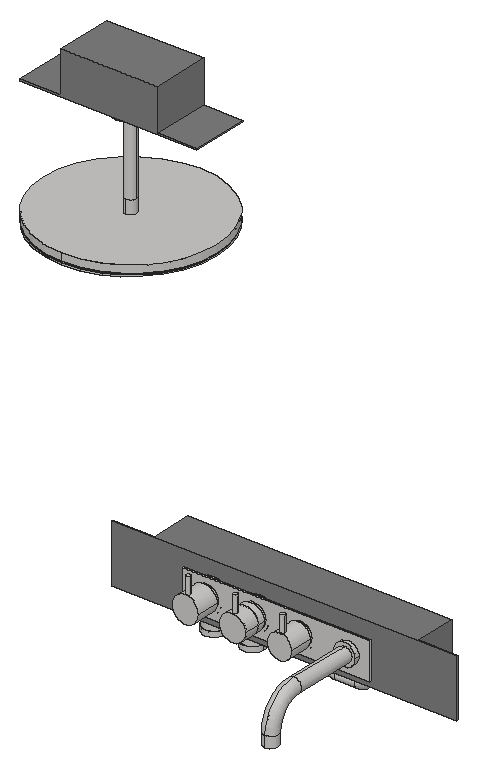
Revit family "5414C-061A", category Plumbing Fixtures, Revit 2021
Family settings
  Round Connector Dimension = Use Diameter
  Part Type = Normal
  Work Plane-Based = No
  Always vertical = Yes
  Cut with Voids When Loaded = No
  Shared = No
  Room Calculation Point = No
Parameters
  e-mail = "info@vola.com"
  URL = "http://vola.com"
  Telephone = "+45 7023 5500"
  Shower Offset = 450.00 mm
  Shower Head Height = 2100.00 mm
  Quality management standard = "ISO 9001"
  Organisation no. / DUNS no. = "17531328"
  Occupational health and safety management standard = "ISO 18001"
  Mounting Instructions = "http://vola.com/service/producturl.ashx?name=5414C-061A"
  Model = "5414C-061A"
  Mixer Offset [instance] = 12.00 mm
  Mixer = yes
  Materials and components information = "http://vola.com/service/producturl.ashx?name=5414C-061A"
  Manufacturer = "VOLA A/S"
  Maintenance Instructions = "http://vola.com/service/producturl.ashx?name=5414C-061A"
  Handle Height = 1100.00 mm
  Guarantee = "2 years"
  Flow = "30,00 l/min"
  Environmental management standard = "ISO 14000"
  Default Elevation = 0.00 mm
  Connection - All relevant connections = "¾\" for water connection"
  Ceiling Mixer Offset = 12.00 mm
  Approvals = "http://vola.com/service/producturl.ashx?name=5414C-061A"
Reference planes
  plane 1 "Center (Front/Back)": y = 0
  plane 2: z = 0
  plane 3 "Center (Left/Right)": x = 0
  plane 4 "Mixer plane": y = 12
  plane 5: z = 1100
  plane 6 "Wall Surface": y = 0
  plane 7: z = 2112
  plane 8: z = 2100
  plane 9: y = -450
Forms (mm)
  Extrusion 1, solid, material "Stainless Steel", visible <- "Mixer"
    sketch origin (-258.89, 9.5, 1100) x (0, 0, -1) y (1, 0, 0)
      loop
        circle (0, 24.89) r 24.89
    from 0 to 9.5
  Extrusion 2, solid, material "Stainless Steel", visible <- "Mixer"
    sketch origin (-180.89, 9.5, 1100) x (0, 0, -1) y (1, 0, 0)
      loop
        circle (0, 24.89) r 24.89
    from 0 to 9.5
  Extrusion 3, solid, material "Stainless Steel", visible <- "Mixer"
    sketch origin (-100, 11.74, 1100) x (0, 0, -1) y (1, 0, 0)
      loop
        circle (0, 22) r 22
    from 0 to 11.74
  Extrusion 4, solid, material "Stainless Steel", visible <- "Mixer"
    sketch origin (-16.5, 11.74, 1100) x (0, 0, -1) y (1, 0, 0)
      loop
        circle (0, 16.5) r 16.5
    from 0 to 11.74
  Extrusion 5, solid, material "Stainless Steel", visible <- "Mixer"
    sketch origin (16.5, -450, 2111.5) x (-1, 0, 0) y (0, -1, 0)
      loop
        circle (16.5, 0) r 16.5
    from 0 to -11.5
Dimensions and locks
  "Mixer Offset": plane 4 "Mixer plane" to plane 1 "Center (Front/Back)"
  "Handle Height": plane 5 to plane 2
  "Shower Head Height": plane 8 to level
  "Shower Offset": plane 9 to plane 1 "Center (Front/Back)"
  "Ceiling Mixer Offset": plane 7 to plane 8
  aligned and locked: plane 2 to level
  aligned and locked: nested 5 to plane 4 "Mixer plane"
  aligned and locked: plane 5 to nested 5
  aligned and locked: nested 4 to plane 5
  aligned and locked: plane 1 "Center (Front/Back)" to Extrusion 4
  aligned and locked: plane 1 "Center (Front/Back)" to Extrusion 3
  aligned and locked: plane 1 "Center (Front/Back)" to Extrusion 2
  aligned and locked: plane 1 "Center (Front/Back)" to Extrusion 1
  aligned and locked: nested 7 to plane 9
  aligned and locked: nested 8 to plane 9
  aligned and locked: Extrusion 5 to plane 8
  aligned and locked: plane 8 to nested 7
Automatic sketch dimensions
  radius of Extrusion 1 sketch curve to nested 5 = 0.00 mm
  radius of Extrusion 2 sketch curve to nested 5 = 0.00 mm
  radius of Extrusion 3 sketch curve to nested 5 = 0.00 mm
  radius of Extrusion 4 sketch curve to nested 5 = 0.00 mm
  radius of Extrusion 5 sketch curve to nested 8 = 0.00 mm
Nested families
  nested 1: "NR52" at (-156, -2, 1100), built-in parameter 1001364 <- "Handle Height", type "NR52"
  nested 2: "NR51" at (-234, -2, 1100), built-in parameter 1001364 <- "Handle Height", type "NR51"
  nested 3: "NR54G" at (-78, -2, 1100), built-in parameter 1001364 <- "Handle Height", type "NR54G"
  nested 4: "5004B" at (-117.936, 0, 1100) x (1, 0, 0) z (0, -1, 0), type "5004B"
  nested 5: "5400N" at (-195, 83.5, 1015), visible <- "Mixer", type "5400N"
  nested 6: "010C" at (0, -2, 1100), built-in parameter 1001364 <- "Handle Height", type "010C"
  nested 7: "060A" at (0, -450, 2100), type "060A"
  nested 8: "200M" at (0, -450, 2112), visible <- "Mixer", type "200M"
Connectors
  piping at (-202, 54.5, 1015), diameter 37
    settings: on nested 5, index 1, connector inside diameter 1.45669", connector length 0.00 mm, flow factor 0, pipe flow 0 GPM, pressure drop 0.00 psi, fitting loss kfactor 0, connector angle 0.00°, fixture units 0, engagement length 0.00 mm, angle of deflection 0.00°, flow configuration 0, flow direction 1, fitting loss method 0, system type 20, joint type 0, gender type 0, connector reference index -1, connector utility 0, adjustable connector no, is connector primary yes, connector description ""
  piping at (-266, 54.5, 1015), diameter 37
    settings: on nested 5, index 2, connector inside diameter 1.45669", connector length 0.00 mm, flow factor 0, pipe flow 0 GPM, pressure drop 0.00 psi, fitting loss kfactor 0, connector angle 0.00°, fixture units 0, engagement length 0.00 mm, angle of deflection 0.00°, flow configuration 0, flow direction 1, fitting loss method 0, system type 19, joint type 0, gender type 0, connector reference index -1, connector utility 0, adjustable connector no, is connector primary no, connector description ""
Definition of nested family "NR52"
  Parameters
    e-mail = "info@vola.com"
    URL = "http://vola.com"
    Telephone = "+45 7023 5500"
    Quality management standard = "ISO 9001"
    Organisation no. / DUNS no. = "17531328"
    Occupational health and safety management standard = "ISO 18001"
    Mounting Instructions = "http://vola.com/service/producturl.ashx?name=NR52"
    Model = "NR52"
    Materials and components information = "http://vola.com/service/producturl.ashx?name=NR52"
    Manufacturer = "VOLA A/S"
    Maintenance Instructions = "http://vola.com/service/producturl.ashx?name=NR52"
    Guarantee = "2 years"
    Environmental management standard = "ISO 14000"
    Default Elevation = 0.00 mm
    Connection - All relevant connections = ""
    Approvals = "http://vola.com/service/producturl.ashx?name=NR52"
  Reference planes
    plane 1 "Center (Front/Back)": y = 0
    plane 2: z = 0
    plane 3 "Center (Left/Right)": x = 0
  Forms (mm)
    Extrusion 1, solid
      sketch origin (0, 0, 0) x (1, 0, 0) y (0, 0, 1)
        loop
          circle (0, 0) r 20
      from 0 to 5
    Extrusion 2, solid
      sketch origin (0, 0, 0) x (1, 0, 0) y (0, 0, 1)
        loop
          circle (0, 0) r 21.5
      from 17 to 42.5
    Extrusion 3, solid
      sketch origin (0, -2, 0) x (0, -1, 0) y (1, 0, 0)
        loop
          circle (34.5, 0) r 3.5
      from 0 to 47.5
    Extrusion 4, solid
      sketch origin (0, 10.75, -47.4) x (0, -1, 0) y (1, 0, 0)
        loop
          circle (34.5, 0) r 3.5
      from 22.5 to 47.4
    Extrusion 5, solid
      sketch origin (0, 11.93, 0) x (1, 0, 0) y (0, 0, 1)
        loop
          circle (0, 0) r 21.5
      from 16.93 to 28.93
  Cuts and joins
    joined: Extrusion 2, Extrusion 3, Extrusion 4
  Dimensions and locks
    aligned and locked: plane 2 to level
    aligned and locked: Extrusion 2 to Extrusion 5
    aligned and locked: Extrusion 1 to Extrusion 5
Definition of nested family "NR51"
  Parameters
    e-mail = "info@vola.com"
    URL = "http://vola.com"
    Telephone = "+45 7023 5500"
    Quality management standard = "ISO 9001"
    Organisation no. / DUNS no. = "17531328"
    Occupational health and safety management standard = "ISO 18001"
    Mounting Instructions = "http://vola.com/service/producturl.ashx?name=NR51"
    Model = "NR51"
    Materials and components information = "http://vola.com/service/producturl.ashx?name=NR51"
    Manufacturer = "VOLA A/S"
    Maintenance Instructions = "http://vola.com/service/producturl.ashx?name=NR51"
    Guarantee = "2 years"
    Environmental management standard = "ISO 14000"
    Default Elevation = 0.00 mm
    Connection - All relevant connections = ""
    Approvals = "http://vola.com/service/producturl.ashx?name=NR51"
  Reference planes
    plane 1 "Center (Front/Back)": y = 0
    plane 2: z = 0
    plane 3 "Center (Left/Right)": x = 0
  Forms (mm)
    Extrusion 1, solid
      sketch origin (0, 0, 0) x (1, 0, 0) y (0, 0, 1)
        loop
          circle (0, 0) r 21.5
      from 5 to 42.5
    Extrusion 2, solid
      sketch origin (0, -2, 0) x (0, -1, 0) y (1, 0, 0)
        loop
          circle (34.5, 0) r 3.5
      from 0 to 47.5
    Extrusion 3, solid
      sketch origin (0, 0, 0) x (1, 0, 0) y (0, 0, 1)
        loop
          circle (0, 0) r 20
      from 0 to 5
  Cuts and joins
    joined: Extrusion 1, Extrusion 2
  Dimensions and locks
    aligned and locked: plane 2 to level
Definition of nested family "NR54G"
  Parameters
    e-mail = "info@vola.com"
    URL = "http://vola.com"
    Telephone = "+45 7023 5500"
    Quality management standard = "ISO 9001"
    Organisation no. / DUNS no. = "17531328"
    Occupational health and safety management standard = "ISO 18001"
    Mounting Instructions = "http://vola.com/service/producturl.ashx?name=NR54G"
    Model = "NR54G"
    Materials and components information = "http://vola.com/service/producturl.ashx?name=NR54G"
    Manufacturer = "VOLA A/S"
    Maintenance Instructions = "http://vola.com/service/producturl.ashx?name=NR54G"
    Guarantee = "2 years"
    Environmental management standard = "ISO 14000"
    Default Elevation = 0.00 mm
    Connection - All relevant connections = ""
    Approvals = "http://vola.com/service/producturl.ashx?name=NR54G"
  Reference planes
    plane 1 "Center (Front/Back)": y = 0
    plane 2: z = 0
    plane 3 "Center (Left/Right)": x = 0
  Forms (mm)
    Extrusion 1, solid
      sketch origin (0, -5, 0) x (1, 0, 0) y (0, 0, 1)
        loop
          circle (0, 0) r 20
      from 0 to 37.5
    Extrusion 2, solid
      sketch origin (0, -2, 0) x (0, -1, 0) y (1, 0, 0)
        loop
          circle (34.5, 0) r 3.5
      from 0 to 45.5
    Extrusion 3, solid
      sketch origin (0, 0, 0) x (1, 0, 0) y (0, 0, 1)
        loop
          circle (0, 0) r 18
      from 0 to 5
  Cuts and joins
    joined: Extrusion 1, Extrusion 2
  Dimensions and locks
    aligned and locked: plane 2 to level
Definition of nested family "5004B"
  Parameters
    e-mail = "info@vola.com"
    URL = "http://vola.com"
    Telephone = "+45 7023 5500"
    Quality management standard = "ISO 9001"
    Organisation no. / DUNS no. = "17531328"
    Occupational health and safety management standard = "ISO 18001"
    Mounting Instructions = "http://vola.com/service/producturl.ashx?name=5004B"
    Model = "5004B"
    Materials and components information = "http://vola.com/service/producturl.ashx?name=5004B"
    Manufacturer = "VOLA A/S"
    Maintenance Instructions = "http://vola.com/service/producturl.ashx?name=5004B"
    Guarantee = "2 years"
    Environmental management standard = "ISO 14000"
    Default Elevation = 1219.20 mm
    Connection - All relevant connections = ""
    Approvals = "http://vola.com/service/producturl.ashx?name=5004B"
  Reference planes
    plane 1 "Center (Front/Back)": y = 0
    plane 2: z = 0
    plane 3 "Center (Left/Right)": x = 0
  Forms (mm)
    Extrusion 1, solid
      sketch origin (0, 0, 0) x (1, 0, 0) y (0, 1, 0)
        loop
          line (-154.5, 30) -> (-154.5, -30) -> (154.5, -30) -> (154.5, 30) -> (-154.5, 30)
        loop
          circle (-38.064, 0) r 19.5
        loop
          circle (-116.064, 0) r 19.5
        loop
          circle (117.936, 0) r 16.5
        loop
          circle (39.936, 0) r 19.5
      from 0 to 2
  Dimensions and locks
    aligned and locked: plane 2 to level
Definition of nested family "5400N"
  Parameters
    e-mail = "info@vola.com"
    URL = "http://vola.com"
    Telephone = "+45 7023 5500"
    Quality management standard = "ISO 9001"
    Organisation no. / DUNS no. = "17531328"
    Occupational health and safety management standard = "ISO 18001"
    Mounting Instructions = "http://vola.com/service/producturl.ashx?name=5400N"
    Model = "5400N"
    Materials and components information = "http://vola.com/service/producturl.ashx?name=5400N"
    Manufacturer = "VOLA A/S"
    Maintenance Instructions = "http://vola.com/service/producturl.ashx?name=5400N"
    Guarantee = "2 years"
    Flow = "43,00 l/min"
    Environmental management standard = "ISO 14000"
    Default Elevation = 0.00 mm
    Connection - All relevant connections = ""
    Approvals = "http://vola.com/service/producturl.ashx?name=5400N"
  Reference planes
    plane 1 "Center (Front/Back)": y = 0
    plane 2: z = 0
    plane 3 "Center (Left/Right)": x = 0
    plane 4 "Inlet Center Plane": y = -29
    plane 5: z = 85
  Forms (mm)
    Extrusion 1, solid
      sketch origin (10, 0, 16) x (1, 0, 0) y (0, 1, 0)
        loop
          line (-147.5, 0) -> (-147.5, -69) -> (288.5, -69) -> (288.5, 0) -> (-147.5, 0)
      from 21.5 to 116.5
    Extrusion 2, solid
      sketch origin (10, -1, 16) x (1, 0, 0) y (0, 1, 0)
        loop
          line (-215, -68) -> (-215, -70.5) -> (353.5, -70.5) -> (353.5, -68) -> (-215, -68)
      from 21.5 to 116.5
    Extrusion 3, solid
      sketch origin (-59, -4, 37.5) x (0, 1, 0) y (1, 0, 0)
        loop
          circle (-25, -12) r 16.5
      from 0 to 29.77
    Extrusion 4, solid
      sketch origin (5, -4, 37.5) x (0, 1, 0) y (1, 0, 0)
        loop
          circle (-25, -12) r 16.5
      from 0 to 29.77
    Extrusion 5, solid
      sketch origin (-51.5, -71.5, 16) x (-1, 0, 0) y (0, 0, -1)
        loop
          circle (-12.5, -69) r 24.89
      from 0 to 2.5
    Extrusion 6, solid
      sketch origin (26.5, -71.5, 16) x (-1, 0, 0) y (0, 0, -1)
        loop
          circle (-12.5, -69) r 24.89
      from 0 to 2.5
    Extrusion 7, solid
      sketch origin (65.5, -71.5, 16) x (-1, 0, 0) y (0, 0, -1)
        loop
          circle (-51.5, -69) r 22
      from 0 to 0.26
    Extrusion 8, solid
      sketch origin (-59, -4, 7.73) x (-1, 0, 0) y (0, 1, 0)
        loop
          circle (12, -25) r 18.5
      from 0 to 7.73
    Extrusion 9, solid
      sketch origin (5, -4, 7.73) x (-1, 0, 0) y (0, 1, 0)
        loop
          circle (12, -25) r 18.5
      from 0 to 7.73
    Sweep 10, solid
      path origin (92, -35.26, 1219.2) x (-1, 0, 0) y (0, 0, 1)
        loop
          line (-25, -1181.7) -> (-25, -1186.2)
          arc (-25, -1186.2) -> (-31.59, -1202.11) -> (-47.5, -1208.7) r 22.5
          line (-47.5, -1208.7) -> (-80.5, -1208.7)
          arc (-80.5, -1208.7) -> (-96.41, -1202.11) -> (-103, -1186.2) r 22.5
          line (-103, -1186.2) -> (-103, -1181.7)
      profile origin (117, -35.26, 35.25) x (0, 1, 0) y (-1, 0, 0)
        loop
          circle (0, 0) r 7.5
    Extrusion 11, solid
      sketch origin (143.5, -71.5, 16) x (-1, 0, 0) y (0, 0, -1)
        loop
          circle (-51.5, -69) r 16.5
      from 0 to 0.26
  Cuts and joins
    joined: Extrusion 1, Extrusion 2
  Lines and regions (mm)
    reference lines
      curve 1: line (117, -29, 85) -> (117, -121.5, 85)
      curve 2: line (39, -29, 85) -> (39, -121.5, 85)
      curve 3: line (-39, -29, 85) -> (-39, -121.5, 85)
      curve 4: line (-71, -29, 85) -> (-71, -29, -14)
      curve 5: line (-7, -29, 85) -> (-7, -29, -14)
      curve 6: line (117, -35.26, 182.5) -> (117, -35.26, -12.5)
      curve 7: line (195, -29, 85) -> (195, -121.5, 85)
  Dimensions and locks
    aligned and locked: plane 2 to level
    aligned and locked: Extrusion 1 to Extrusion 2
    aligned and locked: Extrusion 2 to Extrusion 1
Definition of nested family "010C"
  Parameters
    e-mail = "info@vola.com"
    URL = "http://vola.com"
    Telephone = "+45 7023 5500"
    Quality management standard = "ISO 9001"
    Organisation no. / DUNS no. = "17531328"
    Occupational health and safety management standard = "ISO 18001"
    Mounting Instructions = "http://vola.com/service/producturl.ashx?name=010C"
    Model = "010C"
    Materials and components information = "http://vola.com/service/producturl.ashx?name=010C"
    Manufacturer = "VOLA A/S"
    Maintenance Instructions = "http://vola.com/service/producturl.ashx?name=010C"
    Guarantee = "2 years"
    Environmental management standard = "ISO 14000"
    Default Elevation = 0.00 mm
    Connection - All relevant connections = ""
    Approvals = "http://vola.com/service/producturl.ashx?name=010C"
  Reference planes
    plane 1 "Center (Front/Back)": y = 0
    plane 2: z = 0
    plane 3 "Center (Left/Right)": x = 0
  Forms (mm)
    Extrusion 1, solid
      sketch origin (0, 0, 0) x (1, 0, 0) y (0, 0, 1)
        loop
          circle (0, 0) r 18
      from 0 to 7
    Sweep 2, solid
      path origin (0, 10, 0) x (0, 1, 0) y (0, 0, 1)
        loop
          arc (-168.5, -47.5) -> (-154.588, -13.912) -> (-121, 0) r 47.5
          line (-121, 0) -> (-17, 0)
      profile origin (0, -59, 0) x (0, 0, 1) y (1, 0, 0)
        loop
          circle (0, 0) r 12
    Extrusion 3, solid
      sketch origin (0, -158.5, -47.5) x (1, 0, 0) y (0, -1, 0)
        loop
          circle (0, 0) r 12
      from 0 to 18
  Dimensions and locks
    aligned and locked: plane 2 to level
Definition of nested family "060A"
  Parameters
    e-mail = "info@vola.com"
    URL = "http://vola.com"
    Telephone = "+45 7023 5500"
    Quality management standard = "ISO 9001"
    Organisation no. / DUNS no. = "17531328"
    Occupational health and safety management standard = "ISO 18001"
    Mounting Instructions = "http://vola.com/service/producturl.ashx?name=060A"
    Model = "060A"
    Materials and components information = "http://vola.com/service/producturl.ashx?name=060A"
    Manufacturer = "VOLA A/S"
    Maintenance Instructions = "http://vola.com/service/producturl.ashx?name=060A"
    Guarantee = "2 years"
    Flow = "22,00 l/min"
    Environmental management standard = "ISO 14000"
    Default Elevation = 0.00 mm
    Connection - All relevant connections = ""
    Approvals = "http://vola.com/service/producturl.ashx?name=060A"
  Reference planes
    plane 1 "Center (Front/Back)": y = 0
    plane 2: z = 0
    plane 3 "Center (Left/Right)": x = 0
  Forms (mm)
    Extrusion 1, solid
      sketch origin (0, 0, -9.5) x (0, 1, 0) y (1, 0, 0)
        loop
          circle (0, 0) r 9.5
      from 0 to 118.5
    Extrusion 2, solid
      sketch origin (-450, 0, -128) x (-1, 0, 0) y (0, 1, 0)
        loop
          circle (-450, 0) r 8.5
      from 0 to 0.2
    Extrusion 3, solid
      sketch origin (-450, 0, -128.2) x (0, -1, 0) y (-1, 0, 0)
        loop
          circle (0, -450) r 9.5
      from 0 to 21.8
    Extrusion 4, solid
      sketch origin (-450, 0, -150) x (1, 0, 0) y (0, -1, 0)
        loop
          circle (450, 0) r 143
      from 0 to 12
    Extrusion 5, solid
      sketch origin (-450, 0, -162) x (0, 1, 0) y (1, 0, 0)
        loop
          circle (0, 450) r 140
      from 0 to 3
    Extrusion 6, solid
      sketch origin (-450, 0, -165) x (-1, 0, 0) y (0, 1, 0)
        loop
          circle (-450, 0) r 143
      from 0 to 2
    Extrusion 7, solid
      sketch origin (0, 0, -2) x (1, 0, 0) y (0, 1, 0)
        loop
          circle (0, 0) r 18
      from 0 to -7.5
    Extrusion 8, solid
      sketch origin (0, 0, -2) x (1, 0, 0) y (0, 1, 0)
        loop
          circle (0, 0) r 30
      from 0 to 2
  Dimensions and locks
    aligned and locked: plane 2 to level
  Nested families
    nested 1: "Shower Detail Lines" at (0, 0, -167) x (0, 1, 0) z (0, 0, 1), type "Shower Detail Lines"
  Definition of nested family "Shower Detail Lines"
    Parameters
      Default Elevation = 1219.20 mm
    Reference planes
      plane 1 "Center (Front/Back)": y = 0
      plane 2: z = 0
      plane 3 "Center (Left/Right)": x = 0
    Lines and regions (mm)
      model lines
        curve 1: line (-2, -24, 0) -> (2, -24, 0)
        curve 2: line (-2, -130, 0) -> (-2, -24, 0)
        curve 3: line (2, -130, 0) -> (-2, -130, 0)
        curve 4: line (2, -24, 0) -> (2, -130, 0)
        curve 5: circle (0, -27.479, 0) r 1.5 normal (0, 0, 1)
        curve 6: circle (0, -27.479, 0) r 0.5 normal (0, 0, 1)
        curve 7: circle (0, -36.479, 0) r 1.5 normal (0, 0, 1)
        curve 8: circle (0, -36.479, 0) r 0.5 normal (0, 0, 1)
        curve 9: circle (0, -45.479, 0) r 1.5 normal (0, 0, 1)
        curve 10: circle (0, -45.479, 0) r 0.5 normal (0, 0, 1)
        curve 11: circle (0, -54.479, 0) r 1.5 normal (0, 0, 1)
        curve 12: circle (0, -54.479, 0) r 0.5 normal (0, 0, 1)
        curve 13: circle (0, -63.479, 0) r 1.5 normal (0, 0, 1)
        curve 14: circle (0, -63.479, 0) r 0.5 normal (0, 0, 1)
        curve 15: circle (0, -72.479, 0) r 1.5 normal (0, 0, 1)
        curve 16: circle (0, -72.479, 0) r 0.5 normal (0, 0, 1)
        curve 17: circle (0, -81.479, 0) r 1.5 normal (0, 0, 1)
        curve 18: circle (0, -81.479, 0) r 0.5 normal (0, 0, 1)
        curve 19: circle (0, -90.479, 0) r 1.5 normal (0, 0, 1)
        curve 20: circle (0, -90.479, 0) r 0.5 normal (0, 0, 1)
        curve 21: circle (0, -99.479, 0) r 1.5 normal (0, 0, 1)
        curve 22: circle (0, -99.479, 0) r 0.5 normal (0, 0, 1)
        curve 23: circle (0, -108.479, 0) r 1.5 normal (0, 0, 1)
        curve 24: circle (0, -108.479, 0) r 0.5 normal (0, 0, 1)
        curve 25: circle (0, -117.479, 0) r 1.5 normal (0, 0, 1)
        curve 26: circle (0, -117.479, 0) r 0.5 normal (0, 0, 1)
        curve 27: circle (0, -126.479, 0) r 1.5 normal (0, 0, 1)
        curve 28: circle (0, -126.479, 0) r 0.5 normal (0, 0, 1)
        curve 29: line (6.329, -23.237, 0) -> (10.088, -21.869, 0)
        curve 30: line (42.583, -122.844, 0) -> (6.329, -23.237, 0)
        curve 31: line (46.342, -121.476, 0) -> (42.583, -122.844, 0)
        curve 32: line (10.088, -21.869, 0) -> (46.342, -121.476, 0)
        curve 33: circle (9.398, -25.822, 0) r 1.5 normal (0, 0, 1)
        curve 34: circle (9.398, -25.822, 0) r 0.5 normal (0, 0, 1)
        curve 35: circle (12.477, -34.279, 0) r 1.5 normal (0, 0, 1)
        curve 36: circle (12.477, -34.279, 0) r 0.5 normal (0, 0, 1)
        curve 37: circle (15.555, -42.736, 0) r 1.5 normal (0, 0, 1)
        curve 38: circle (15.555, -42.736, 0) r 0.5 normal (0, 0, 1)
        curve 39: circle (18.633, -51.193, 0) r 1.5 normal (0, 0, 1)
        curve 40: circle (18.633, -51.193, 0) r 0.5 normal (0, 0, 1)
        curve 41: circle (21.711, -59.651, 0) r 1.5 normal (0, 0, 1)
        curve 42: circle (21.711, -59.651, 0) r 0.5 normal (0, 0, 1)
        curve 43: circle (24.789, -68.108, 0) r 1.5 normal (0, 0, 1)
        curve 44: circle (24.789, -68.108, 0) r 0.5 normal (0, 0, 1)
        curve 45: circle (27.867, -76.565, 0) r 1.5 normal (0, 0, 1)
        curve 46: circle (27.867, -76.565, 0) r 0.5 normal (0, 0, 1)
        curve 47: circle (30.946, -85.022, 0) r 1.5 normal (0, 0, 1)
        curve 48: circle (30.946, -85.022, 0) r 0.5 normal (0, 0, 1)
        curve 49: circle (34.024, -93.48, 0) r 1.5 normal (0, 0, 1)
        curve 50: circle (34.024, -93.48, 0) r 0.5 normal (0, 0, 1)
        curve 51: circle (37.102, -101.937, 0) r 1.5 normal (0, 0, 1)
        curve 52: circle (37.102, -101.937, 0) r 0.5 normal (0, 0, 1)
        curve 53: circle (40.18, -110.394, 0) r 1.5 normal (0, 0, 1)
        curve 54: circle (40.18, -110.394, 0) r 0.5 normal (0, 0, 1)
        curve 55: circle (43.258, -118.851, 0) r 1.5 normal (0, 0, 1)
        curve 56: circle (43.258, -118.851, 0) r 0.5 normal (0, 0, 1)
        curve 57: line (13.895, -19.671, 0) -> (16.959, -17.099, 0)
        curve 58: line (82.03, -100.871, 0) -> (13.895, -19.671, 0)
        curve 59: line (85.094, -98.3, 0) -> (82.03, -100.871, 0)
        curve 60: line (16.959, -17.099, 0) -> (85.094, -98.3, 0)
        curve 61: circle (17.663, -21.05, 0) r 1.5 normal (0, 0, 1)
        curve 62: circle (17.663, -21.05, 0) r 0.5 normal (0, 0, 1)
        curve 63: circle (23.448, -27.944, 0) r 1.5 normal (0, 0, 1)
        curve 64: circle (23.448, -27.944, 0) r 0.5 normal (0, 0, 1)
        curve 65: circle (29.233, -34.839, 0) r 1.5 normal (0, 0, 1)
        curve 66: circle (29.233, -34.839, 0) r 0.5 normal (0, 0, 1)
        curve 67: circle (35.018, -41.733, 0) r 1.5 normal (0, 0, 1)
        curve 68: circle (35.018, -41.733, 0) r 0.5 normal (0, 0, 1)
        curve 69: circle (40.803, -48.628, 0) r 1.5 normal (0, 0, 1)
        curve 70: circle (40.803, -48.628, 0) r 0.5 normal (0, 0, 1)
        curve 71: circle (46.589, -55.522, 0) r 1.5 normal (0, 0, 1)
        curve 72: circle (46.589, -55.522, 0) r 0.5 normal (0, 0, 1)
        curve 73: circle (52.374, -62.416, 0) r 1.5 normal (0, 0, 1)
        curve 74: circle (52.374, -62.416, 0) r 0.5 normal (0, 0, 1)
        curve 75: circle (58.159, -69.311, 0) r 1.5 normal (0, 0, 1)
        curve 76: circle (58.159, -69.311, 0) r 0.5 normal (0, 0, 1)
        curve 77: circle (63.944, -76.205, 0) r 1.5 normal (0, 0, 1)
        curve 78: circle (63.944, -76.205, 0) r 0.5 normal (0, 0, 1)
        curve 79: circle (69.729, -83.1, 0) r 1.5 normal (0, 0, 1)
        curve 80: circle (69.729, -83.1, 0) r 0.5 normal (0, 0, 1)
        curve 81: circle (75.514, -89.994, 0) r 1.5 normal (0, 0, 1)
        curve 82: circle (75.514, -89.994, 0) r 0.5 normal (0, 0, 1)
        curve 83: circle (81.299, -96.888, 0) r 1.5 normal (0, 0, 1)
        curve 84: circle (81.299, -96.888, 0) r 0.5 normal (0, 0, 1)
        curve 85: line (19.785, -13.732, 0) -> (21.785, -10.268, 0)
        curve 86: line (111.583, -66.732, 0) -> (19.785, -13.732, 0)
        curve 87: line (113.583, -63.268, 0) -> (111.583, -66.732, 0)
        curve 88: line (21.785, -10.268, 0) -> (113.583, -63.268, 0)
        curve 89: circle (23.797, -13.739, 0) r 1.5 normal (0, 0, 1)
        curve 90: circle (23.797, -13.739, 0) r 0.5 normal (0, 0, 1)
        curve 91: circle (31.592, -18.239, 0) r 1.5 normal (0, 0, 1)
        curve 92: circle (31.592, -18.239, 0) r 0.5 normal (0, 0, 1)
        curve 93: circle (39.386, -22.739, 0) r 1.5 normal (0, 0, 1)
        curve 94: circle (39.386, -22.739, 0) r 0.5 normal (0, 0, 1)
        curve 95: circle (47.18, -27.239, 0) r 1.5 normal (0, 0, 1)
        curve 96: circle (47.18, -27.239, 0) r 0.5 normal (0, 0, 1)
        curve 97: circle (54.974, -31.739, 0) r 1.5 normal (0, 0, 1)
        curve 98: circle (54.974, -31.739, 0) r 0.5 normal (0, 0, 1)
        curve 99: circle (62.769, -36.239, 0) r 1.5 normal (0, 0, 1)
        curve 100: circle (62.769, -36.239, 0) r 0.5 normal (0, 0, 1)
        curve 101: circle (70.563, -40.739, 0) r 1.5 normal (0, 0, 1)
        curve 102: circle (70.563, -40.739, 0) r 0.5 normal (0, 0, 1)
        curve 103: circle (78.357, -45.239, 0) r 1.5 normal (0, 0, 1)
        curve 104: circle (78.357, -45.239, 0) r 0.5 normal (0, 0, 1)
        curve 105: circle (86.151, -49.739, 0) r 1.5 normal (0, 0, 1)
        curve 106: circle (86.151, -49.739, 0) r 0.5 normal (0, 0, 1)
        curve 107: circle (93.945, -54.239, 0) r 1.5 normal (0, 0, 1)
        curve 108: circle (93.945, -54.239, 0) r 0.5 normal (0, 0, 1)
        curve 109: circle (101.74, -58.739, 0) r 1.5 normal (0, 0, 1)
        curve 110: circle (101.74, -58.739, 0) r 0.5 normal (0, 0, 1)
        curve 111: circle (109.534, -63.239, 0) r 1.5 normal (0, 0, 1)
        curve 112: circle (109.534, -63.239, 0) r 0.5 normal (0, 0, 1)
        curve 113: line (23.288, -6.137, 0) -> (23.983, -2.198, 0)
        curve 114: line (127.678, -24.544, 0) -> (23.288, -6.137, 0)
        curve 115: line (128.372, -20.605, 0) -> (127.678, -24.544, 0)
        curve 116: line (23.983, -2.198, 0) -> (128.372, -20.605, 0)
        curve 117: circle (27.061, -4.772, 0) r 1.5 normal (0, 0, 1)
        curve 118: circle (27.061, -4.772, 0) r 0.5 normal (0, 0, 1)
        curve 119: circle (35.925, -6.334, 0) r 1.5 normal (0, 0, 1)
        curve 120: circle (35.925, -6.334, 0) r 0.5 normal (0, 0, 1)
        curve 121: circle (44.788, -7.897, 0) r 1.5 normal (0, 0, 1)
        curve 122: circle (44.788, -7.897, 0) r 0.5 normal (0, 0, 1)
        curve 123: circle (53.651, -9.46, 0) r 1.5 normal (0, 0, 1)
        curve 124: circle (53.651, -9.46, 0) r 0.5 normal (0, 0, 1)
        curve 125: circle (62.514, -11.023, 0) r 1.5 normal (0, 0, 1)
        curve 126: circle (62.514, -11.023, 0) r 0.5 normal (0, 0, 1)
        curve 127: circle (71.378, -12.586, 0) r 1.5 normal (0, 0, 1)
        curve 128: circle (71.378, -12.586, 0) r 0.5 normal (0, 0, 1)
        curve 129: circle (80.241, -14.149, 0) r 1.5 normal (0, 0, 1)
        curve 130: circle (80.241, -14.149, 0) r 0.5 normal (0, 0, 1)
        curve 131: circle (89.104, -15.711, 0) r 1.5 normal (0, 0, 1)
        curve 132: circle (89.104, -15.711, 0) r 0.5 normal (0, 0, 1)
        curve 133: circle (97.968, -17.274, 0) r 1.5 normal (0, 0, 1)
        curve 134: circle (97.968, -17.274, 0) r 0.5 normal (0, 0, 1)
        curve 135: circle (106.831, -18.837, 0) r 1.5 normal (0, 0, 1)
        curve 136: circle (106.831, -18.837, 0) r 0.5 normal (0, 0, 1)
        curve 137: circle (115.694, -20.4, 0) r 1.5 normal (0, 0, 1)
        curve 138: circle (115.694, -20.4, 0) r 0.5 normal (0, 0, 1)
        curve 139: circle (124.557, -21.963, 0) r 1.5 normal (0, 0, 1)
        curve 140: circle (124.557, -21.963, 0) r 0.5 normal (0, 0, 1)
        curve 141: line (23.983, 2.198, 0) -> (23.288, 6.137, 0)
        curve 142: line (128.372, 20.605, 0) -> (23.983, 2.198, 0)
        curve 143: line (127.678, 24.544, 0) -> (128.372, 20.605, 0)
        curve 144: line (23.288, 6.137, 0) -> (127.678, 24.544, 0)
        curve 145: circle (27.061, 4.772, 0) r 1.5 normal (0, 0, 1)
        curve 146: circle (27.061, 4.772, 0) r 0.5 normal (0, 0, 1)
        curve 147: circle (35.925, 6.334, 0) r 1.5 normal (0, 0, 1)
        curve 148: circle (35.925, 6.334, 0) r 0.5 normal (0, 0, 1)
        curve 149: circle (44.788, 7.897, 0) r 1.5 normal (0, 0, 1)
        curve 150: circle (44.788, 7.897, 0) r 0.5 normal (0, 0, 1)
        curve 151: circle (53.651, 9.46, 0) r 1.5 normal (0, 0, 1)
        curve 152: circle (53.651, 9.46, 0) r 0.5 normal (0, 0, 1)
        curve 153: circle (62.514, 11.023, 0) r 1.5 normal (0, 0, 1)
        curve 154: circle (62.514, 11.023, 0) r 0.5 normal (0, 0, 1)
        curve 155: circle (71.378, 12.586, 0) r 1.5 normal (0, 0, 1)
        curve 156: circle (71.378, 12.586, 0) r 0.5 normal (0, 0, 1)
        curve 157: circle (80.241, 14.149, 0) r 1.5 normal (0, 0, 1)
        curve 158: circle (80.241, 14.149, 0) r 0.5 normal (0, 0, 1)
        curve 159: circle (89.104, 15.711, 0) r 1.5 normal (0, 0, 1)
        curve 160: circle (89.104, 15.711, 0) r 0.5 normal (0, 0, 1)
        curve 161: circle (97.968, 17.274, 0) r 1.5 normal (0, 0, 1)
        curve 162: circle (97.968, 17.274, 0) r 0.5 normal (0, 0, 1)
        curve 163: circle (106.831, 18.837, 0) r 1.5 normal (0, 0, 1)
        curve 164: circle (106.831, 18.837, 0) r 0.5 normal (0, 0, 1)
        curve 165: circle (115.694, 20.4, 0) r 1.5 normal (0, 0, 1)
        curve 166: circle (115.694, 20.4, 0) r 0.5 normal (0, 0, 1)
        curve 167: circle (124.557, 21.963, 0) r 1.5 normal (0, 0, 1)
        curve 168: circle (124.557, 21.963, 0) r 0.5 normal (0, 0, 1)
        curve 169: line (21.785, 10.268, 0) -> (19.785, 13.732, 0)
        curve 170: line (113.583, 63.268, 0) -> (21.785, 10.268, 0)
        curve 171: line (111.583, 66.732, 0) -> (113.583, 63.268, 0)
        curve 172: line (19.785, 13.732, 0) -> (111.583, 66.732, 0)
        curve 173: circle (23.797, 13.739, 0) r 1.5 normal (0, 0, 1)
        curve 174: circle (23.797, 13.739, 0) r 0.5 normal (0, 0, 1)
        curve 175: circle (31.592, 18.239, 0) r 1.5 normal (0, 0, 1)
        curve 176: circle (31.592, 18.239, 0) r 0.5 normal (0, 0, 1)
        curve 177: circle (39.386, 22.739, 0) r 1.5 normal (0, 0, 1)
        curve 178: circle (39.386, 22.739, 0) r 0.5 normal (0, 0, 1)
        curve 179: circle (47.18, 27.239, 0) r 1.5 normal (0, 0, 1)
        curve 180: circle (47.18, 27.239, 0) r 0.5 normal (0, 0, 1)
        curve 181: circle (54.974, 31.739, 0) r 1.5 normal (0, 0, 1)
        curve 182: circle (54.974, 31.739, 0) r 0.5 normal (0, 0, 1)
        curve 183: circle (62.769, 36.239, 0) r 1.5 normal (0, 0, 1)
        curve 184: circle (62.769, 36.239, 0) r 0.5 normal (0, 0, 1)
        curve 185: circle (70.563, 40.739, 0) r 1.5 normal (0, 0, 1)
        curve 186: circle (70.563, 40.739, 0) r 0.5 normal (0, 0, 1)
        curve 187: circle (78.357, 45.239, 0) r 1.5 normal (0, 0, 1)
        curve 188: circle (78.357, 45.239, 0) r 0.5 normal (0, 0, 1)
        curve 189: circle (86.151, 49.739, 0) r 1.5 normal (0, 0, 1)
        curve 190: circle (86.151, 49.739, 0) r 0.5 normal (0, 0, 1)
        curve 191: circle (93.945, 54.239, 0) r 1.5 normal (0, 0, 1)
        curve 192: circle (93.945, 54.239, 0) r 0.5 normal (0, 0, 1)
        curve 193: circle (101.74, 58.739, 0) r 1.5 normal (0, 0, 1)
        curve 194: circle (101.74, 58.739, 0) r 0.5 normal (0, 0, 1)
        curve 195: circle (109.534, 63.239, 0) r 1.5 normal (0, 0, 1)
        curve 196: circle (109.534, 63.239, 0) r 0.5 normal (0, 0, 1)
        curve 197: line (16.959, 17.099, 0) -> (13.895, 19.671, 0)
        curve 198: line (85.094, 98.3, 0) -> (16.959, 17.099, 0)
        curve 199: line (82.03, 100.871, 0) -> (85.094, 98.3, 0)
        curve 200: line (13.895, 19.671, 0) -> (82.03, 100.871, 0)
        curve 201: circle (17.663, 21.05, 0) r 1.5 normal (0, 0, 1)
        curve 202: circle (17.663, 21.05, 0) r 0.5 normal (0, 0, 1)
        curve 203: circle (23.448, 27.944, 0) r 1.5 normal (0, 0, 1)
        curve 204: circle (23.448, 27.944, 0) r 0.5 normal (0, 0, 1)
        curve 205: circle (29.233, 34.839, 0) r 1.5 normal (0, 0, 1)
        curve 206: circle (29.233, 34.839, 0) r 0.5 normal (0, 0, 1)
        curve 207: circle (35.018, 41.733, 0) r 1.5 normal (0, 0, 1)
        curve 208: circle (35.018, 41.733, 0) r 0.5 normal (0, 0, 1)
        curve 209: circle (40.803, 48.628, 0) r 1.5 normal (0, 0, 1)
        curve 210: circle (40.803, 48.628, 0) r 0.5 normal (0, 0, 1)
        curve 211: circle (46.589, 55.522, 0) r 1.5 normal (0, 0, 1)
        curve 212: circle (46.589, 55.522, 0) r 0.5 normal (0, 0, 1)
        curve 213: circle (52.374, 62.416, 0) r 1.5 normal (0, 0, 1)
        curve 214: circle (52.374, 62.416, 0) r 0.5 normal (0, 0, 1)
        curve 215: circle (58.159, 69.311, 0) r 1.5 normal (0, 0, 1)
        curve 216: circle (58.159, 69.311, 0) r 0.5 normal (0, 0, 1)
        curve 217: circle (63.944, 76.205, 0) r 1.5 normal (0, 0, 1)
        curve 218: circle (63.944, 76.205, 0) r 0.5 normal (0, 0, 1)
        curve 219: circle (69.729, 83.1, 0) r 1.5 normal (0, 0, 1)
        curve 220: circle (69.729, 83.1, 0) r 0.5 normal (0, 0, 1)
        curve 221: circle (75.514, 89.994, 0) r 1.5 normal (0, 0, 1)
        curve 222: circle (75.514, 89.994, 0) r 0.5 normal (0, 0, 1)
        curve 223: circle (81.299, 96.888, 0) r 1.5 normal (0, 0, 1)
        curve 224: circle (81.299, 96.888, 0) r 0.5 normal (0, 0, 1)
        curve 225: line (10.088, 21.869, 0) -> (6.329, 23.237, 0)
        curve 226: line (46.342, 121.476, 0) -> (10.088, 21.869, 0)
        curve 227: line (42.583, 122.844, 0) -> (46.342, 121.476, 0)
        curve 228: line (6.329, 23.237, 0) -> (42.583, 122.844, 0)
        curve 229: circle (9.398, 25.822, 0) r 1.5 normal (0, 0, 1)
        curve 230: circle (9.398, 25.822, 0) r 0.5 normal (0, 0, 1)
        curve 231: circle (12.477, 34.279, 0) r 1.5 normal (0, 0, 1)
        curve 232: circle (12.477, 34.279, 0) r 0.5 normal (0, 0, 1)
        curve 233: circle (15.555, 42.736, 0) r 1.5 normal (0, 0, 1)
        curve 234: circle (15.555, 42.736, 0) r 0.5 normal (0, 0, 1)
        curve 235: circle (18.633, 51.193, 0) r 1.5 normal (0, 0, 1)
        curve 236: circle (18.633, 51.193, 0) r 0.5 normal (0, 0, 1)
        curve 237: circle (21.711, 59.651, 0) r 1.5 normal (0, 0, 1)
        curve 238: circle (21.711, 59.651, 0) r 0.5 normal (0, 0, 1)
        curve 239: circle (24.789, 68.108, 0) r 1.5 normal (0, 0, 1)
        curve 240: circle (24.789, 68.108, 0) r 0.5 normal (0, 0, 1)
        curve 241: circle (27.867, 76.565, 0) r 1.5 normal (0, 0, 1)
        curve 242: circle (27.867, 76.565, 0) r 0.5 normal (0, 0, 1)
        curve 243: circle (30.946, 85.022, 0) r 1.5 normal (0, 0, 1)
        curve 244: circle (30.946, 85.022, 0) r 0.5 normal (0, 0, 1)
        curve 245: circle (34.024, 93.48, 0) r 1.5 normal (0, 0, 1)
        curve 246: circle (34.024, 93.48, 0) r 0.5 normal (0, 0, 1)
        curve 247: circle (37.102, 101.937, 0) r 1.5 normal (0, 0, 1)
        curve 248: circle (37.102, 101.937, 0) r 0.5 normal (0, 0, 1)
        curve 249: circle (40.18, 110.394, 0) r 1.5 normal (0, 0, 1)
        curve 250: circle (40.18, 110.394, 0) r 0.5 normal (0, 0, 1)
        curve 251: circle (43.258, 118.851, 0) r 1.5 normal (0, 0, 1)
        curve 252: circle (43.258, 118.851, 0) r 0.5 normal (0, 0, 1)
        curve 253: line (2, 24, 0) -> (-2, 24, 0)
        curve 254: line (2, 130, 0) -> (2, 24, 0)
        curve 255: line (-2, 130, 0) -> (2, 130, 0)
        curve 256: line (-2, 24, 0) -> (-2, 130, 0)
        curve 257: circle (0, 27.479, 0) r 1.5 normal (0, 0, 1)
        curve 258: circle (0, 27.479, 0) r 0.5 normal (0, 0, 1)
        curve 259: circle (0, 36.479, 0) r 1.5 normal (0, 0, 1)
        curve 260: circle (0, 36.479, 0) r 0.5 normal (0, 0, 1)
        curve 261: circle (0, 45.479, 0) r 1.5 normal (0, 0, 1)
        curve 262: circle (0, 45.479, 0) r 0.5 normal (0, 0, 1)
        curve 263: circle (0, 54.479, 0) r 1.5 normal (0, 0, 1)
        curve 264: circle (0, 54.479, 0) r 0.5 normal (0, 0, 1)
        curve 265: circle (0, 63.479, 0) r 1.5 normal (0, 0, 1)
        curve 266: circle (0, 63.479, 0) r 0.5 normal (0, 0, 1)
        curve 267: circle (0, 72.479, 0) r 1.5 normal (0, 0, 1)
        curve 268: circle (0, 72.479, 0) r 0.5 normal (0, 0, 1)
        curve 269: circle (0, 81.479, 0) r 1.5 normal (0, 0, 1)
        curve 270: circle (0, 81.479, 0) r 0.5 normal (0, 0, 1)
        curve 271: circle (0, 90.479, 0) r 1.5 normal (0, 0, 1)
        curve 272: circle (0, 90.479, 0) r 0.5 normal (0, 0, 1)
        curve 273: circle (0, 99.479, 0) r 1.5 normal (0, 0, 1)
        curve 274: circle (0, 99.479, 0) r 0.5 normal (0, 0, 1)
        curve 275: circle (0, 108.479, 0) r 1.5 normal (0, 0, 1)
        curve 276: circle (0, 108.479, 0) r 0.5 normal (0, 0, 1)
        curve 277: circle (0, 117.479, 0) r 1.5 normal (0, 0, 1)
        curve 278: circle (0, 117.479, 0) r 0.5 normal (0, 0, 1)
        curve 279: circle (0, 126.479, 0) r 1.5 normal (0, 0, 1)
        curve 280: circle (0, 126.479, 0) r 0.5 normal (0, 0, 1)
        curve 281: line (-6.329, 23.237, 0) -> (-10.088, 21.869, 0)
        curve 282: line (-42.583, 122.844, 0) -> (-6.329, 23.237, 0)
        curve 283: line (-46.342, 121.476, 0) -> (-42.583, 122.844, 0)
        curve 284: line (-10.088, 21.869, 0) -> (-46.342, 121.476, 0)
        curve 285: circle (-9.398, 25.822, 0) r 1.5 normal (0, 0, 1)
        curve 286: circle (-9.398, 25.822, 0) r 0.5 normal (0, 0, 1)
        curve 287: circle (-12.477, 34.279, 0) r 1.5 normal (0, 0, 1)
        curve 288: circle (-12.477, 34.279, 0) r 0.5 normal (0, 0, 1)
        curve 289: circle (-15.555, 42.736, 0) r 1.5 normal (0, 0, 1)
        curve 290: circle (-15.555, 42.736, 0) r 0.5 normal (0, 0, 1)
        curve 291: circle (-18.633, 51.193, 0) r 1.5 normal (0, 0, 1)
        curve 292: circle (-18.633, 51.193, 0) r 0.5 normal (0, 0, 1)
        curve 293: circle (-21.711, 59.651, 0) r 1.5 normal (0, 0, 1)
        curve 294: circle (-21.711, 59.651, 0) r 0.5 normal (0, 0, 1)
        curve 295: circle (-24.789, 68.108, 0) r 1.5 normal (0, 0, 1)
        curve 296: circle (-24.789, 68.108, 0) r 0.5 normal (0, 0, 1)
        curve 297: circle (-27.867, 76.565, 0) r 1.5 normal (0, 0, 1)
        curve 298: circle (-27.867, 76.565, 0) r 0.5 normal (0, 0, 1)
        curve 299: circle (-30.946, 85.022, 0) r 1.5 normal (0, 0, 1)
        curve 300: circle (-30.946, 85.022, 0) r 0.5 normal (0, 0, 1)
        curve 301: circle (-34.024, 93.48, 0) r 1.5 normal (0, 0, 1)
        curve 302: circle (-34.024, 93.48, 0) r 0.5 normal (0, 0, 1)
        curve 303: circle (-37.102, 101.937, 0) r 1.5 normal (0, 0, 1)
        curve 304: circle (-37.102, 101.937, 0) r 0.5 normal (0, 0, 1)
        curve 305: circle (-40.18, 110.394, 0) r 1.5 normal (0, 0, 1)
        curve 306: circle (-40.18, 110.394, 0) r 0.5 normal (0, 0, 1)
        curve 307: circle (-43.258, 118.851, 0) r 1.5 normal (0, 0, 1)
        curve 308: circle (-43.258, 118.851, 0) r 0.5 normal (0, 0, 1)
        curve 309: line (-13.895, 19.671, 0) -> (-16.959, 17.099, 0)
        curve 310: line (-82.03, 100.871, 0) -> (-13.895, 19.671, 0)
        curve 311: line (-85.094, 98.3, 0) -> (-82.03, 100.871, 0)
        curve 312: line (-16.959, 17.099, 0) -> (-85.094, 98.3, 0)
        curve 313: circle (-17.663, 21.05, 0) r 1.5 normal (0, 0, 1)
        curve 314: circle (-17.663, 21.05, 0) r 0.5 normal (0, 0, 1)
        curve 315: circle (-23.448, 27.944, 0) r 1.5 normal (0, 0, 1)
        curve 316: circle (-23.448, 27.944, 0) r 0.5 normal (0, 0, 1)
        curve 317: circle (-29.233, 34.839, 0) r 1.5 normal (0, 0, 1)
        curve 318: circle (-29.233, 34.839, 0) r 0.5 normal (0, 0, 1)
        curve 319: circle (-35.018, 41.733, 0) r 1.5 normal (0, 0, 1)
        curve 320: circle (-35.018, 41.733, 0) r 0.5 normal (0, 0, 1)
        curve 321: circle (-40.803, 48.628, 0) r 1.5 normal (0, 0, 1)
        curve 322: circle (-40.803, 48.628, 0) r 0.5 normal (0, 0, 1)
        curve 323: circle (-46.589, 55.522, 0) r 1.5 normal (0, 0, 1)
        curve 324: circle (-46.589, 55.522, 0) r 0.5 normal (0, 0, 1)
        curve 325: circle (-52.374, 62.416, 0) r 1.5 normal (0, 0, 1)
        curve 326: circle (-52.374, 62.416, 0) r 0.5 normal (0, 0, 1)
        curve 327: circle (-58.159, 69.311, 0) r 1.5 normal (0, 0, 1)
        curve 328: circle (-58.159, 69.311, 0) r 0.5 normal (0, 0, 1)
        curve 329: circle (-63.944, 76.205, 0) r 1.5 normal (0, 0, 1)
        curve 330: circle (-63.944, 76.205, 0) r 0.5 normal (0, 0, 1)
        curve 331: circle (-69.729, 83.1, 0) r 1.5 normal (0, 0, 1)
        curve 332: circle (-69.729, 83.1, 0) r 0.5 normal (0, 0, 1)
        curve 333: circle (-75.514, 89.994, 0) r 1.5 normal (0, 0, 1)
        curve 334: circle (-75.514, 89.994, 0) r 0.5 normal (0, 0, 1)
        curve 335: circle (-81.299, 96.888, 0) r 1.5 normal (0, 0, 1)
        curve 336: circle (-81.299, 96.888, 0) r 0.5 normal (0, 0, 1)
        curve 337: line (-19.785, 13.732, 0) -> (-21.785, 10.268, 0)
        curve 338: line (-111.583, 66.732, 0) -> (-19.785, 13.732, 0)
        curve 339: line (-113.583, 63.268, 0) -> (-111.583, 66.732, 0)
        curve 340: line (-21.785, 10.268, 0) -> (-113.583, 63.268, 0)
        curve 341: circle (-23.797, 13.739, 0) r 1.5 normal (0, 0, 1)
        curve 342: circle (-23.797, 13.739, 0) r 0.5 normal (0, 0, 1)
        curve 343: circle (-31.592, 18.239, 0) r 1.5 normal (0, 0, 1)
        curve 344: circle (-31.592, 18.239, 0) r 0.5 normal (0, 0, 1)
        curve 345: circle (-39.386, 22.739, 0) r 1.5 normal (0, 0, 1)
        curve 346: circle (-39.386, 22.739, 0) r 0.5 normal (0, 0, 1)
        curve 347: circle (-47.18, 27.239, 0) r 1.5 normal (0, 0, 1)
        curve 348: circle (-47.18, 27.239, 0) r 0.5 normal (0, 0, 1)
        curve 349: circle (-54.974, 31.739, 0) r 1.5 normal (0, 0, 1)
        curve 350: circle (-54.974, 31.739, 0) r 0.5 normal (0, 0, 1)
        curve 351: circle (-62.769, 36.239, 0) r 1.5 normal (0, 0, 1)
        curve 352: circle (-62.769, 36.239, 0) r 0.5 normal (0, 0, 1)
        curve 353: circle (-70.563, 40.739, 0) r 1.5 normal (0, 0, 1)
        curve 354: circle (-70.563, 40.739, 0) r 0.5 normal (0, 0, 1)
        curve 355: circle (-78.357, 45.239, 0) r 1.5 normal (0, 0, 1)
        curve 356: circle (-78.357, 45.239, 0) r 0.5 normal (0, 0, 1)
        curve 357: circle (-86.151, 49.739, 0) r 1.5 normal (0, 0, 1)
        curve 358: circle (-86.151, 49.739, 0) r 0.5 normal (0, 0, 1)
        curve 359: circle (-93.945, 54.239, 0) r 1.5 normal (0, 0, 1)
        curve 360: circle (-93.945, 54.239, 0) r 0.5 normal (0, 0, 1)
        curve 361: circle (-101.74, 58.739, 0) r 1.5 normal (0, 0, 1)
        curve 362: circle (-101.74, 58.739, 0) r 0.5 normal (0, 0, 1)
        curve 363: circle (-109.534, 63.239, 0) r 1.5 normal (0, 0, 1)
        curve 364: circle (-109.534, 63.239, 0) r 0.5 normal (0, 0, 1)
        curve 365: line (-23.288, 6.137, 0) -> (-23.983, 2.198, 0)
        curve 366: line (-127.678, 24.544, 0) -> (-23.288, 6.137, 0)
        curve 367: line (-128.372, 20.605, 0) -> (-127.678, 24.544, 0)
        curve 368: line (-23.983, 2.198, 0) -> (-128.372, 20.605, 0)
        curve 369: circle (-27.061, 4.772, 0) r 1.5 normal (0, 0, 1)
        curve 370: circle (-27.061, 4.772, 0) r 0.5 normal (0, 0, 1)
        curve 371: circle (-35.925, 6.334, 0) r 1.5 normal (0, 0, 1)
        curve 372: circle (-35.925, 6.334, 0) r 0.5 normal (0, 0, 1)
        curve 373: circle (-44.788, 7.897, 0) r 1.5 normal (0, 0, 1)
        curve 374: circle (-44.788, 7.897, 0) r 0.5 normal (0, 0, 1)
        curve 375: circle (-53.651, 9.46, 0) r 1.5 normal (0, 0, 1)
        curve 376: circle (-53.651, 9.46, 0) r 0.5 normal (0, 0, 1)
        curve 377: circle (-62.514, 11.023, 0) r 1.5 normal (0, 0, 1)
        curve 378: circle (-62.514, 11.023, 0) r 0.5 normal (0, 0, 1)
        curve 379: circle (-71.378, 12.586, 0) r 1.5 normal (0, 0, 1)
        curve 380: circle (-71.378, 12.586, 0) r 0.5 normal (0, 0, 1)
        curve 381: circle (-80.241, 14.149, 0) r 1.5 normal (0, 0, 1)
        curve 382: circle (-80.241, 14.149, 0) r 0.5 normal (0, 0, 1)
        curve 383: circle (-89.104, 15.711, 0) r 1.5 normal (0, 0, 1)
        curve 384: circle (-89.104, 15.711, 0) r 0.5 normal (0, 0, 1)
        curve 385: circle (-97.968, 17.274, 0) r 1.5 normal (0, 0, 1)
        curve 386: circle (-97.968, 17.274, 0) r 0.5 normal (0, 0, 1)
        curve 387: circle (-106.831, 18.837, 0) r 1.5 normal (0, 0, 1)
        curve 388: circle (-106.831, 18.837, 0) r 0.5 normal (0, 0, 1)
        curve 389: circle (-115.694, 20.4, 0) r 1.5 normal (0, 0, 1)
        curve 390: circle (-115.694, 20.4, 0) r 0.5 normal (0, 0, 1)
        curve 391: circle (-124.557, 21.963, 0) r 1.5 normal (0, 0, 1)
        curve 392: circle (-124.557, 21.963, 0) r 0.5 normal (0, 0, 1)
        curve 393: line (-23.983, -2.198, 0) -> (-23.288, -6.137, 0)
        curve 394: line (-128.372, -20.605, 0) -> (-23.983, -2.198, 0)
        curve 395: line (-127.678, -24.544, 0) -> (-128.372, -20.605, 0)
        curve 396: line (-23.288, -6.137, 0) -> (-127.678, -24.544, 0)
        curve 397: circle (-27.061, -4.772, 0) r 1.5 normal (0, 0, 1)
        curve 398: circle (-27.061, -4.772, 0) r 0.5 normal (0, 0, 1)
        curve 399: circle (-35.925, -6.334, 0) r 1.5 normal (0, 0, 1)
        curve 400: circle (-35.925, -6.334, 0) r 0.5 normal (0, 0, 1)
        curve 401: circle (-44.788, -7.897, 0) r 1.5 normal (0, 0, 1)
        curve 402: circle (-44.788, -7.897, 0) r 0.5 normal (0, 0, 1)
        curve 403: circle (-53.651, -9.46, 0) r 1.5 normal (0, 0, 1)
        curve 404: circle (-53.651, -9.46, 0) r 0.5 normal (0, 0, 1)
        curve 405: circle (-62.514, -11.023, 0) r 1.5 normal (0, 0, 1)
        curve 406: circle (-62.514, -11.023, 0) r 0.5 normal (0, 0, 1)
        curve 407: circle (-71.378, -12.586, 0) r 1.5 normal (0, 0, 1)
        curve 408: circle (-71.378, -12.586, 0) r 0.5 normal (0, 0, 1)
        curve 409: circle (-80.241, -14.149, 0) r 1.5 normal (0, 0, 1)
        curve 410: circle (-80.241, -14.149, 0) r 0.5 normal (0, 0, 1)
        curve 411: circle (-89.104, -15.711, 0) r 1.5 normal (0, 0, 1)
        curve 412: circle (-89.104, -15.711, 0) r 0.5 normal (0, 0, 1)
        curve 413: circle (-97.968, -17.274, 0) r 1.5 normal (0, 0, 1)
        curve 414: circle (-97.968, -17.274, 0) r 0.5 normal (0, 0, 1)
        curve 415: circle (-106.831, -18.837, 0) r 1.5 normal (0, 0, 1)
        curve 416: circle (-106.831, -18.837, 0) r 0.5 normal (0, 0, 1)
        curve 417: circle (-115.694, -20.4, 0) r 1.5 normal (0, 0, 1)
        curve 418: circle (-115.694, -20.4, 0) r 0.5 normal (0, 0, 1)
        curve 419: circle (-124.557, -21.963, 0) r 1.5 normal (0, 0, 1)
        curve 420: circle (-124.557, -21.963, 0) r 0.5 normal (0, 0, 1)
        curve 421: line (-21.785, -10.268, 0) -> (-19.785, -13.732, 0)
        curve 422: line (-113.583, -63.268, 0) -> (-21.785, -10.268, 0)
        curve 423: line (-111.583, -66.732, 0) -> (-113.583, -63.268, 0)
        curve 424: line (-19.785, -13.732, 0) -> (-111.583, -66.732, 0)
        curve 425: circle (-23.797, -13.739, 0) r 1.5 normal (0, 0, 1)
        curve 426: circle (-23.797, -13.739, 0) r 0.5 normal (0, 0, 1)
        curve 427: circle (-31.592, -18.239, 0) r 1.5 normal (0, 0, 1)
        curve 428: circle (-31.592, -18.239, 0) r 0.5 normal (0, 0, 1)
        curve 429: circle (-39.386, -22.739, 0) r 1.5 normal (0, 0, 1)
        curve 430: circle (-39.386, -22.739, 0) r 0.5 normal (0, 0, 1)
        curve 431: circle (-47.18, -27.239, 0) r 1.5 normal (0, 0, 1)
        curve 432: circle (-47.18, -27.239, 0) r 0.5 normal (0, 0, 1)
        curve 433: circle (-54.974, -31.739, 0) r 1.5 normal (0, 0, 1)
        curve 434: circle (-54.974, -31.739, 0) r 0.5 normal (0, 0, 1)
        curve 435: circle (-62.769, -36.239, 0) r 1.5 normal (0, 0, 1)
        curve 436: circle (-62.769, -36.239, 0) r 0.5 normal (0, 0, 1)
        curve 437: circle (-70.563, -40.739, 0) r 1.5 normal (0, 0, 1)
        curve 438: circle (-70.563, -40.739, 0) r 0.5 normal (0, 0, 1)
        curve 439: circle (-78.357, -45.239, 0) r 1.5 normal (0, 0, 1)
        curve 440: circle (-78.357, -45.239, 0) r 0.5 normal (0, 0, 1)
        curve 441: circle (-86.151, -49.739, 0) r 1.5 normal (0, 0, 1)
        curve 442: circle (-86.151, -49.739, 0) r 0.5 normal (0, 0, 1)
        curve 443: circle (-93.945, -54.239, 0) r 1.5 normal (0, 0, 1)
        curve 444: circle (-93.945, -54.239, 0) r 0.5 normal (0, 0, 1)
        curve 445: circle (-101.74, -58.739, 0) r 1.5 normal (0, 0, 1)
        curve 446: circle (-101.74, -58.739, 0) r 0.5 normal (0, 0, 1)
        curve 447: circle (-109.534, -63.239, 0) r 1.5 normal (0, 0, 1)
        curve 448: circle (-109.534, -63.239, 0) r 0.5 normal (0, 0, 1)
        curve 449: line (-16.959, -17.099, 0) -> (-13.895, -19.671, 0)
        curve 450: line (-85.094, -98.3, 0) -> (-16.959, -17.099, 0)
        curve 451: line (-82.03, -100.871, 0) -> (-85.094, -98.3, 0)
        curve 452: line (-13.895, -19.671, 0) -> (-82.03, -100.871, 0)
        curve 453: circle (-17.663, -21.05, 0) r 1.5 normal (0, 0, 1)
        curve 454: circle (-17.663, -21.05, 0) r 0.5 normal (0, 0, 1)
        curve 455: circle (-23.448, -27.944, 0) r 1.5 normal (0, 0, 1)
        curve 456: circle (-23.448, -27.944, 0) r 0.5 normal (0, 0, 1)
        curve 457: circle (-29.233, -34.839, 0) r 1.5 normal (0, 0, 1)
        curve 458: circle (-29.233, -34.839, 0) r 0.5 normal (0, 0, 1)
        curve 459: circle (-35.018, -41.733, 0) r 1.5 normal (0, 0, 1)
        curve 460: circle (-35.018, -41.733, 0) r 0.5 normal (0, 0, 1)
        curve 461: circle (-40.803, -48.628, 0) r 1.5 normal (0, 0, 1)
        curve 462: circle (-40.803, -48.628, 0) r 0.5 normal (0, 0, 1)
        curve 463: circle (-46.589, -55.522, 0) r 1.5 normal (0, 0, 1)
        curve 464: circle (-46.589, -55.522, 0) r 0.5 normal (0, 0, 1)
        curve 465: circle (-52.374, -62.416, 0) r 1.5 normal (0, 0, 1)
        curve 466: circle (-52.374, -62.416, 0) r 0.5 normal (0, 0, 1)
        curve 467: circle (-58.159, -69.311, 0) r 1.5 normal (0, 0, 1)
        curve 468: circle (-58.159, -69.311, 0) r 0.5 normal (0, 0, 1)
        curve 469: circle (-63.944, -76.205, 0) r 1.5 normal (0, 0, 1)
        curve 470: circle (-63.944, -76.205, 0) r 0.5 normal (0, 0, 1)
        curve 471: circle (-69.729, -83.1, 0) r 1.5 normal (0, 0, 1)
        curve 472: circle (-69.729, -83.1, 0) r 0.5 normal (0, 0, 1)
        curve 473: circle (-75.514, -89.994, 0) r 1.5 normal (0, 0, 1)
        curve 474: circle (-75.514, -89.994, 0) r 0.5 normal (0, 0, 1)
        curve 475: circle (-81.299, -96.888, 0) r 1.5 normal (0, 0, 1)
        curve 476: circle (-81.299, -96.888, 0) r 0.5 normal (0, 0, 1)
        curve 477: line (-10.088, -21.869, 0) -> (-6.329, -23.237, 0)
        curve 478: line (-46.342, -121.476, 0) -> (-10.088, -21.869, 0)
        curve 479: line (-42.583, -122.844, 0) -> (-46.342, -121.476, 0)
        curve 480: line (-6.329, -23.237, 0) -> (-42.583, -122.844, 0)
        curve 481: circle (-9.398, -25.822, 0) r 1.5 normal (0, 0, 1)
        curve 482: circle (-9.398, -25.822, 0) r 0.5 normal (0, 0, 1)
        curve 483: circle (-12.477, -34.279, 0) r 1.5 normal (0, 0, 1)
        curve 484: circle (-12.477, -34.279, 0) r 0.5 normal (0, 0, 1)
        curve 485: circle (-15.555, -42.736, 0) r 1.5 normal (0, 0, 1)
        curve 486: circle (-15.555, -42.736, 0) r 0.5 normal (0, 0, 1)
        curve 487: circle (-18.633, -51.193, 0) r 1.5 normal (0, 0, 1)
        curve 488: circle (-18.633, -51.193, 0) r 0.5 normal (0, 0, 1)
        curve 489: circle (-21.711, -59.651, 0) r 1.5 normal (0, 0, 1)
        curve 490: circle (-21.711, -59.651, 0) r 0.5 normal (0, 0, 1)
        curve 491: circle (-24.789, -68.108, 0) r 1.5 normal (0, 0, 1)
        curve 492: circle (-24.789, -68.108, 0) r 0.5 normal (0, 0, 1)
        curve 493: circle (-27.867, -76.565, 0) r 1.5 normal (0, 0, 1)
        curve 494: circle (-27.867, -76.565, 0) r 0.5 normal (0, 0, 1)
        curve 495: circle (-30.946, -85.022, 0) r 1.5 normal (0, 0, 1)
        curve 496: circle (-30.946, -85.022, 0) r 0.5 normal (0, 0, 1)
        curve 497: circle (-34.024, -93.48, 0) r 1.5 normal (0, 0, 1)
        curve 498: circle (-34.024, -93.48, 0) r 0.5 normal (0, 0, 1)
        curve 499: circle (-37.102, -101.937, 0) r 1.5 normal (0, 0, 1)
        curve 500: circle (-37.102, -101.937, 0) r 0.5 normal (0, 0, 1)
        curve 501: circle (-40.18, -110.394, 0) r 1.5 normal (0, 0, 1)
        curve 502: circle (-40.18, -110.394, 0) r 0.5 normal (0, 0, 1)
        curve 503: circle (-43.258, -118.851, 0) r 1.5 normal (0, 0, 1)
        curve 504: circle (-43.258, -118.851, 0) r 0.5 normal (0, 0, 1)
        curve 505: circle (0, 0, 0) r 12 normal (0, 0, 1)
        curve 506: circle (0, 0, 0) r 11 normal (0, 0, 1)
    Dimensions and locks
      aligned and locked: plane 2 to level
Definition of nested family "200M"
  Parameters
    e-mail = "info@vola.com"
    URL = "http://vola.com"
    Telephone = "+45 7023 5500"
    Quality management standard = "ISO 9001"
    Organisation no. / DUNS no. = "17531328"
    Occupational health and safety management standard = "ISO 18001"
    Mounting Instructions = "http://vola.com/service/producturl.ashx?name=200M"
    Model = "200M"
    Materials and components information = "http://vola.com/service/producturl.ashx?name=200M"
    Manufacturer = "VOLA A/S"
    Maintenance Instructions = "http://vola.com/service/producturl.ashx?name=200M"
    Guarantee = "2 years"
    Environmental management standard = "ISO 14000"
    Default Elevation = 1219.20 mm
    Connection - All relevant connections = ""
    Approvals = "http://vola.com/service/producturl.ashx?name=200M"
  Reference planes
    plane 1 "Center (Front/Back)": y = 0
    plane 2: z = 0
    plane 3 "Center (Left/Right)": x = 0
  Forms (mm)
    Extrusion 1, solid
      sketch origin (0, 69, 70.5) x (1, 0, 0) y (0, 0, 1)
        loop
          line (-77.5, 1) -> (-77.5, -68) -> (82.5, -68) -> (82.5, 1) -> (-77.5, 1)
      from 21.5 to 116.5
    Extrusion 2, solid
      sketch origin (0, 69, 70.5) x (1, 0, 0) y (0, 0, 1)
        loop
          line (-145, -68) -> (-145, -70.5) -> (147.5, -70.5) -> (147.5, -68) -> (-145, -68)
      from 21.5 to 116.5
    Extrusion 3, solid
      sketch origin (1071.5, 69, 68) x (0, 1, 0) y (1, 0, 0)
        loop
          circle (-69, -1071.5) r 16.5
      from 68 to 68.5
  Cuts and joins
    joined: Extrusion 1, Extrusion 2
  Lines and regions (mm)
    reference lines
      curve 1: line (0, 0, -0.5) -> (0, 0, -20.5)
      curve 2: line (0, 0, 27.5) -> (0, -99, 27.5)
      curve 3: line (0, 0, 38) -> (0, 99, 38)
  Dimensions and locks
    aligned and locked: plane 2 to level
    aligned and locked: Extrusion 2 to Extrusion 1  (x2)
